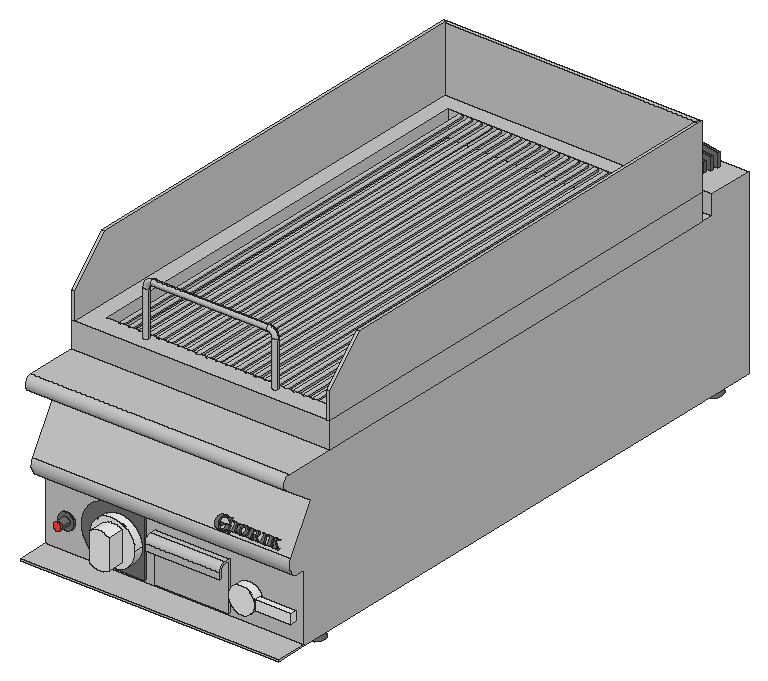
Revit family "QF_GIORIK_GL92TV", category Specialty Equipment, Revit 2014
Parameters (values of type "GL92TV")
  Weight in Pounds = 99.2079
  Waste Water Discharge Temperature [instance] = 0 °C
  URL Cutsheet = "www.giorik.com"
  URL = "www.giorik.com"
  Status [instance] = ""
  Specification by User [instance] = ""
  Specification by Manufacturer = ""
  Show Logo [instance] = yes
  Show Clearance [instance] = yes
  Serial Number = ""
  Seismic Rating = ""
  SMACNA No = ""
  Revision Code [instance] = ""
  Plumbing Remarks [instance] = ""
  Plumbing Connection Type [instance] = ""
  NAFEM Spec ID Number = ""
  Model = "GL92TV"
  Masterspec = ""
  Manufacturer = "GIORIK"
  Item Number [instance] = ""
  Installed By [instance] = ""
  Indirect Waste Size = 2 1/2"
  Indirect Waste Flow = 0.0 L/s
  Indirect Waste Connection Type [instance] = ""
  Indirect Waste Connection Height [instance] = 20 mm
  Identify Quantity as Lot [instance] = no
  Gas Size = 1"
  Gas RI Height [instance] = 0 mm
  Gas KW = 11
  Gas Input = 11000 W
  Gas Connection Height [instance] = 20 mm
  Furnished By [instance] = ""
  Foodservice Equipment Identifier [instance] = yes
  Description = "GAS STEAMGRILL"
  Cold Water Temperature Recommended = 0 °C
  Cold Water Size = 1"
  Cold Water RI Height [instance] = 20 mm
  Cold Water Minimum Pressure = 20000.0 Pa
  Cold Water Maximum Pressure = 50000.0 Pa
  Cold Water Flow [instance] = 0.0 L/s
  Cold Water Consumption [instance] = ""
  Cold Water Connection Height [instance] = 20 mm
  CSI MasterFormat = ""
  Assembly Code = "E1090320"
Reference planes
  plane 1 "Back": y = 0
  plane 2: z = 0
  plane 3 "Left": x = 0
  plane 4 "Right": x = 400
  plane 5 "Front": y = -920
  plane 6 "Top": z = 300
Forms (mm)
  Extrusion 1, solid, visible <- "Show Logo"
    sketch origin (186.604, -908.674, 117.684) x (-1, 0, 0) y (0, 0.515038, 0.857167)
      loop
        line (-118.824, 58.358) -> (-127.804, 58.358) -> (-125.523, 56.445) -> (-125.523, 48.027) -> (-127.804, 46.113) -> (-118.824, 46.113) -> (-121.105, 48.027) -> (-121.105, 56.445) -> (-118.824, 58.358)
      loop
        line (-163.721, 58.358) -> (-172.7, 58.358) -> (-170.42, 56.445) -> (-170.42, 48.027) -> (-172.7, 46.113) -> (-163.721, 46.113) -> (-166.001, 48.027) -> (-166.001, 56.445) -> (-163.721, 58.358)
      loop
        line (-174.332, 58.358) -> (-183.312, 58.358) -> (-181.031, 56.445) -> (-181.031, 52.435) -> (-186.419, 56.955) -> (-184.416, 58.358) -> (-191.268, 58.358) -> (-188.01, 56.839) -> (-185.455, 54.283) -> (-190.846, 47.858) -> (-193.396, 46.93) -> (-193.396, 46.113) -> (-184.416, 46.113) -> (-185.437, 47.571) -> (-182.443, 51.552) -> (-181.031, 50.894) -> (-181.031, 48.027) -> (-183.312, 46.113) -> (-174.332, 46.113) -> (-176.613, 48.027) -> (-176.613, 56.445) -> (-174.332, 58.358)
      loop
        line (-115.429, 62.063) -> (-115.429, 54.198)
        arc (-115.429, 54.198) -> (-111.618, 57.803) -> (-106.847, 59.986) r 16.039
        arc (-106.847, 59.986) -> (-103.314, 59.837) -> (-100.512, 57.68) r 5.851
        arc (-100.512, 57.68) -> (-98.815, 52.267) -> (-100.512, 46.853) r 9.479
        arc (-100.512, 46.853) -> (-102.406, 44.986) -> (-104.846, 43.93) r 7.236
        arc (-104.846, 43.93) -> (-107.728, 44.111) -> (-110.052, 45.825) r 5.11
        line (-110.052, 45.825) -> (-110.052, 52.001) -> (-116.141, 52.001) -> (-116.141, 45.503) -> (-117.893, 43.751) -> (-114.094, 44.769)
        arc (-114.094, 44.769) -> (-112.56, 44.947) -> (-111.129, 44.366) r 3.115
        arc (-111.129, 44.366) -> (-104.216, 42.091) -> (-97.303, 44.366) r 11.641
        arc (-97.303, 44.366) -> (-93.396, 52.107) -> (-97.303, 59.849) r 9.622
        arc (-97.303, 59.849) -> (-104.369, 62.174) -> (-111.435, 59.849) r 11.898
        line (-111.435, 59.849) -> (-115.429, 62.063)
      loop
        arc (-129.234, 56.068) -> (-135.893, 58.628) -> (-142.552, 56.068) r 9.941
        arc (-142.552, 56.068) -> (-144.234, 52.286) -> (-142.552, 48.505) r 5.093
        arc (-142.552, 48.505) -> (-135.893, 45.945) -> (-129.234, 48.505) r 9.941
        arc (-129.234, 48.505) -> (-127.552, 52.286) -> (-129.234, 56.068) r 5.093
      loop
        arc (-132.628, 54.403) -> (-135.893, 57.668) -> (-139.158, 54.403) r 3.265
        line (-139.158, 54.403) -> (-139.158, 50.169)
        arc (-139.158, 50.169) -> (-135.893, 46.904) -> (-132.628, 50.169) r 3.265
        line (-132.628, 50.169) -> (-132.628, 54.403)
      loop
        arc (-156.363, 58.365) -> (-159.647, 55.081) -> (-156.363, 51.796) r 3.285
        line (-156.363, 51.796) -> (-159.529, 47.306) -> (-162.087, 46.113) -> (-155.847, 46.113) -> (-153.529, 51.083) -> (-150.637, 51.083) -> (-150.637, 47.784) -> (-153.022, 46.113) -> (-144.011, 46.113) -> (-146.094, 47.68) -> (-146.094, 56.493) -> (-144.229, 58.365) -> (-156.363, 58.365)
      loop
        line (-150.637, 57.512) -> (-153.637, 57.512)
        arc (-153.637, 57.512) -> (-156.237, 54.912) -> (-153.637, 52.312) r 2.6
        line (-153.637, 52.312) -> (-150.637, 52.312) -> (-150.637, 57.512)
      loop
        line (-108.924, 52.001) -> (-104.936, 49.005) -> (-100.948, 52.001) -> (-108.924, 52.001)
    from 1.5 to -0.5
  Extrusion 2, solid
    sketch origin (-4, 0, 5) x (1, 0, 0) y (0, 1, 0)
      loop
        circle (54, -385) r 12.5
    from 0 to 15
  Extrusion 3, solid
    sketch origin (0, 800, -620) x (0, 1, 0) y (0, 0, 1)
      loop
        line (-800, 919.988) -> (-870, 919.988) -> (-870, 889.988) -> (-1688.806, 889.988)
        arc (-1688.806, 889.988) -> (-1699.151, 883.075) -> (-1696.724, 870.873) r 11.197
        line (-1696.724, 870.873) -> (-1647.575, 836.458) -> (-1686.203, 772.171)
        arc (-1686.203, 772.171) -> (-1687.435, 755.768) -> (-1675, 745) r 18.302
        line (-1675, 745) -> (-1660, 745) -> (-1660, 640) -> (-800, 640) -> (-800, 919.988)
    from 0 to 400
  Extrusion 4, solid
    sketch origin (-308.221, -812, -651.25) x (1, 0, 0) y (0, 0, 1)
      loop
        line (463.221, 676.25) -> (463.221, 766.25) -> (409.698, 766.25)
        arc (409.698, 766.25) -> (364.698, 721.25) -> (409.698, 676.25) r 45
        line (409.698, 676.25) -> (463.221, 676.25)
    from 48 to 50
  Extrusion 5, solid
    sketch origin (466.331, -860.641, -651.634) x (-1, 0, 0) y (0, -0.000888, -1)
      loop
        circle (351.331, -721.346) r 35
    from 0 to 15
  Extrusion 6, solid
    sketch origin (466.331, -860.641, -651.634) x (-1, 0, 0) y (0, -0.000888, -1)
      loop
        arc (336.331, -743.846) -> (351.331, -748.846) -> (366.331, -743.846) r 25
        line (366.331, -743.846) -> (366.331, -698.846)
        arc (366.331, -698.846) -> (351.331, -693.846) -> (336.331, -698.846) r 25
        line (336.331, -698.846) -> (336.331, -743.846)
    from 15 to 40
  Extrusion 7, solid
    sketch origin (-94, 0, -610.002) x (1, 0, 0) y (0, 0, 1)
      loop
        line (135, 909.989) -> (453, 909.989) -> (453, 925.527) -> (347.056, 931.749) -> (240.944, 931.749) -> (135, 925.527) -> (135, 909.989)
    from 32 to 35
  Extrusion 8, solid
    sketch origin (-92, 10, -610.002) x (1, 0, 0) y (0, 0, 1)
      loop
        line (454, 909.989) -> (454, 928.527) -> (346.162, 939.193) -> (237.838, 939.193) -> (130, 928.527) -> (130, 909.989) -> (454, 909.989)
    from 32 to 35
  Extrusion 9, solid
    sketch origin (-90, 20, -610.002) x (1, 0, 0) y (0, 0, 1)
      loop
        line (455, 909.989) -> (455, 930.527) -> (345.396, 947.413) -> (234.604, 947.413) -> (125, 930.527) -> (125, 909.989) -> (455, 909.989)
    from 32 to 35
  Extrusion 10, solid
    sketch origin (0, -200, -600) x (0, 1, 0) y (0, 0, 1)
      loop
        line (110, 909.988) -> (110, 1009.988) -> (-551.877, 1009.988) -> (-610, 951.864) -> (-610, 909.988) -> (110, 909.988)
    from 0 to 5
  Extrusion 11, solid
    sketch origin (0, -90, -600) x (1, 0, 0) y (0, 0, 1)
      loop
        line (5, 1009.988) -> (5, 909.988) -> (395, 909.988) -> (395, 1009.988) -> (5, 1009.988)
    from 0 to 5
  Sweep 12, solid
    path origin (32.128, -787.463, 1256.207) x (0, 0, 1) y (-1, 0, 0)
      loop
        line (-946.207, -65.372) -> (-876.207, -65.372)
        arc (-876.207, -65.372) -> (-869.136, -68.301) -> (-866.207, -75.372) r 10
        line (-866.207, -75.372) -> (-866.207, -255.372)
        arc (-866.207, -255.372) -> (-869.136, -262.443) -> (-876.207, -265.372) r 10
        line (-876.207, -265.372) -> (-946.207, -265.372)
    profile origin (97.5, -787.463, 345) x (-1, 0, 0) y (0, -1, 0)
      loop
        circle (0, 0) r 4
  Extrusion 13, solid
    sketch origin (666.331, -860, -661.247) x (-1, 0, 0) y (0, 0, -1)
      loop
        circle (351.331, -721.221) r 20
    from 0 to 15
  Extrusion 14, solid
    sketch origin (35, -864, -662.044) x (1, 0, 0) y (0, 0, 1)
      loop
        line (275.18, 729.518) -> (275.18, 714.518) -> (355.18, 714.518) -> (355.18, 729.518) -> (275.18, 729.518)
    from 0 to 10
  Extrusion 15, solid
    sketch origin (32.347, -900, -540.1) x (0, 1, 0) y (0, 0, 1)
      loop
        line (40, 640.1) -> (30, 640.1)
        arc (30, 640.1) -> (22.929, 637.171) -> (20, 630.1) r 10
        line (20, 630.1) -> (20, 620.1) -> (22, 620.1) -> (22, 630.1)
        arc (22, 630.1) -> (24.343, 635.757) -> (30, 638.1) r 8
        line (30, 638.1) -> (38, 638.1) -> (38, 565.1) -> (40, 565.1) -> (40, 640.1)
    from 137.5 to 252.5
  Extrusion 16, solid
    sketch origin (0, 0, -25) x (0, 1, 0) y (-1, 0, 0)
      loop
        circle (-185, -308) r 12.7
    from 30 to 45
  Extrusion 17, solid
    sketch origin (32, -293, -25) x (0, 1, 0) y (-1, 0, 0)
      loop
        circle (-185, -308) r 6.35
    from 30 to 45
  Extrusion 18, solid
    sketch origin (0, -200, 300) x (0, 1, 0) y (-1, 0, 0)
      loop
        line (110, 0) -> (-610, 0) -> (-610, -400) -> (110, -400) -> (110, 0)
      loop
        line (80, -30) -> (-580, -30) -> (-580, -370) -> (80, -370) -> (80, -30)
    from -30.012 to 9.988
  Extrusion 19, solid
    sketch origin (0, -200, -600) x (1, 0, 0) y (0, 0, 1)
      loop
        circle (50, 906.988) r 3
    from -80 to 580
  Extrusion 20, solid
    sketch origin (15, -200, -600) x (1, 0, 0) y (0, 0, 1)
      loop
        circle (50, 906.988) r 3
    from -80 to 580
  Extrusion 21, solid
    sketch origin (30, -200, -600) x (1, 0, 0) y (0, 0, 1)
      loop
        circle (50, 906.988) r 3
    from -80 to 580
  Extrusion 22, solid
    sketch origin (45, -200, -600) x (1, 0, 0) y (0, 0, 1)
      loop
        circle (50, 906.988) r 3
    from -80 to 580
  Extrusion 23, solid
    sketch origin (60, -200, -600) x (1, 0, 0) y (0, 0, 1)
      loop
        circle (50, 906.988) r 3
    from -80 to 580
  Extrusion 24, solid
    sketch origin (75, -200, -600) x (1, 0, 0) y (0, 0, 1)
      loop
        circle (50, 906.988) r 3
    from -80 to 580
  Extrusion 25, solid
    sketch origin (90, -200, -600) x (1, 0, 0) y (0, 0, 1)
      loop
        circle (50, 906.988) r 3
    from -80 to 580
  Extrusion 26, solid
    sketch origin (105, -200, -600) x (1, 0, 0) y (0, 0, 1)
      loop
        circle (50, 906.988) r 3
    from -80 to 580
  Extrusion 27, solid
    sketch origin (120, -200, -600) x (1, 0, 0) y (0, 0, 1)
      loop
        circle (50, 906.988) r 3
    from -80 to 580
  Extrusion 28, solid
    sketch origin (135, -200, -600) x (1, 0, 0) y (0, 0, 1)
      loop
        circle (50, 906.988) r 3
    from -80 to 580
  Extrusion 29, solid
    sketch origin (150, -200, -600) x (1, 0, 0) y (0, 0, 1)
      loop
        circle (50, 906.988) r 3
    from -80 to 580
  Extrusion 30, solid
    sketch origin (165, -200, -600) x (1, 0, 0) y (0, 0, 1)
      loop
        circle (50, 906.988) r 3
    from -80 to 580
  Extrusion 31, solid
    sketch origin (180, -200, -600) x (1, 0, 0) y (0, 0, 1)
      loop
        circle (50, 906.988) r 3
    from -80 to 580
  Extrusion 32, solid
    sketch origin (195, -200, -600) x (1, 0, 0) y (0, 0, 1)
      loop
        circle (50, 906.988) r 3
    from -80 to 580
  Extrusion 33, solid
    sketch origin (210, -200, -600) x (1, 0, 0) y (0, 0, 1)
      loop
        circle (50, 906.988) r 3
    from -80 to 580
  Extrusion 34, solid
    sketch origin (225, -200, -600) x (1, 0, 0) y (0, 0, 1)
      loop
        circle (50, 906.988) r 3
    from -80 to 580
  Extrusion 35, solid
    sketch origin (240, -200, -600) x (1, 0, 0) y (0, 0, 1)
      loop
        circle (50, 906.988) r 3
    from -80 to 580
  Extrusion 36, solid
    sketch origin (255, -200, -600) x (1, 0, 0) y (0, 0, 1)
      loop
        circle (50, 906.988) r 3
    from -80 to 580
  Extrusion 37, solid
    sketch origin (270, -200, -600) x (1, 0, 0) y (0, 0, 1)
      loop
        circle (50, 906.988) r 3
    from -80 to 580
  Extrusion 38, solid
    sketch origin (285, -200, -600) x (1, 0, 0) y (0, 0, 1)
      loop
        circle (50, 906.988) r 3
    from -80 to 580
  Extrusion 39, solid
    sketch origin (300, -200, -600) x (1, 0, 0) y (0, 0, 1)
      loop
        circle (50, 906.988) r 3
    from -80 to 580
  Extrusion 40, solid
    sketch origin (0, -860, -600) x (1, 0, 0) y (0, 0, 1)
      loop
        line (0, 620) -> (400, 620) -> (400, 622) -> (0, 622) -> (0, 620)
    from 0 to 50
  Extrusion 41, solid
    sketch origin (-6.142, -835.246, -647.152) x (1, 0, 0) y (0, 0.000339, 1)
      loop
        circle (38.702, 711.666) r 12.5
    from 25 to 27
  Extrusion 42, solid
    sketch origin (-732.35, -862.248, -653.566) x (1, 0, 0) y (0, 0.000339, 1)
      loop
        circle (764.91, 718.089) r 6
    from 0 to 15
  Extrusion 43, solid
    sketch origin (-732.35, -863.41, -653.565) x (1, 0, 0) y (0, 0.000339, 1)
      loop
        circle (764.91, 718.089) r 6
    from 13.838 to 15.838
  Extrusion 44, solid
    sketch origin (395, -200, -600) x (0, 1, 0) y (0, 0, 1)
      loop
        line (110, 909.988) -> (110, 1009.988) -> (-551.877, 1009.988) -> (-610, 951.864) -> (-610, 909.988) -> (110, 909.988)
    from 0 to 5
  Extrusion 45, solid
    sketch origin (543.603, 45.293, -30) x (0, 1, 0) y (-1, 0, 0)
      loop
        circle (-79.293, 516.603) r 5
    from 41.965 to 50
  Revolve 46, solid
    sketch origin (27, 49.943, -600) x (0, 1, 0) y (0, 0, 1)
      loop
        line (-83.943, 611.965) -> (-94.752, 611.965) -> (-97.943, 600) -> (-83.943, 600) -> (-83.943, 611.965)
      axis (-83.943, 611.965) -> (-83.943, 600)
    angle from 0 to 360
  Extrusion 47, solid
    sketch origin (-143.603, 45.293, -30) x (0, 1, 0) y (-1, 0, 0)
      loop
        circle (-79.293, -516.603) r 5
    from 41.965 to 50
  Revolve 48, solid
    sketch origin (373, 49.943, -600) x (0, 1, 0) y (0, 0, -1)
      loop
        line (-83.943, -611.965) -> (-83.943, -600) -> (-97.943, -600) -> (-94.752, -611.965) -> (-83.943, -611.965)
      axis (-83.943, -611.965) -> (-83.943, -600)
    angle from 0 to 360
  Extrusion 49, solid
    sketch origin (543.603, -724.774, -30) x (0, 1, 0) y (-1, 0, 0)
      loop
        circle (-79.293, 516.603) r 5
    from 41.965 to 50
  Revolve 50, solid
    sketch origin (27, -720.125, -600) x (0, 1, 0) y (0, 0, 1)
      loop
        line (-83.943, 611.965) -> (-94.752, 611.965) -> (-97.943, 600) -> (-83.943, 600) -> (-83.943, 611.965)
      axis (-83.943, 611.965) -> (-83.943, 600)
    angle from 0 to 360
  Extrusion 51, solid
    sketch origin (-143.603, -724.774, -30) x (0, 1, 0) y (-1, 0, 0)
      loop
        circle (-79.293, -516.603) r 5
    from 41.965 to 50
  Revolve 52, solid
    sketch origin (373, -720.125, -600) x (0, 1, 0) y (0, 0, -1)
      loop
        line (-83.943, -611.965) -> (-83.943, -600) -> (-97.943, -600) -> (-94.752, -611.965) -> (-83.943, -611.965)
      axis (-83.943, -611.965) -> (-83.943, -600)
    angle from 0 to 360
Lines and regions (mm)
  symbolic lines, style "200-EquipBorder-2D"
    curve 1: line (0, -920, 0) -> (400, -920, 0)
    curve 2: line (400, -920, 0) -> (400, 0, 0)
    curve 3: line (400, 0, 0) -> (0, 0, 0)
    curve 4: line (0, 0, 0) -> (0, -920, 0)
  symbolic lines, style "200-EquipInternal-2D"
    curve 5: line (0, -70, 300) -> (400, -70, 300)
    curve 6: line (35, -12, 900) -> (365, -12, 900)
    curve 7: line (365, -12, 900) -> (365, -15, 900)
    curve 8: line (365, -15, 900) -> (35, -15, 900)
    curve 9: line (35, -15, 900) -> (35, -12, 900)
    curve 10: line (38, -22, 900) -> (362, -22, 900)
    curve 11: line (362, -22, 900) -> (362, -25, 900)
    curve 12: line (362, -25, 900) -> (38, -25, 900)
    curve 13: line (38, -25, 900) -> (38, -22, 900)
    curve 14: line (41, -32, 900) -> (359, -32, 900)
    curve 15: line (359, -32, 900) -> (359, -35, 900)
    curve 16: line (359, -35, 900) -> (41, -35, 900)
    curve 17: line (41, -35, 900) -> (41, -32, 900)
    curve 18: line (5, -95, 300) -> (395, -95, 300)
    curve 19: line (0, -90, 300) -> (400, -90, 300)
    curve 20: line (400, -90, 300) -> (400, -810, 300)
    curve 21: line (395, -810, 300) -> (395, -95, 300)
    curve 22: line (5, -95, 300) -> (5, -810, 300)
    curve 23: line (0, -810, 300) -> (0, -90, 300)
    curve 24: line (0, -810, 300) -> (400, -810, 300)
    curve 25: line (30, -780, 300) -> (30, -120, 300)
    curve 26: line (370, -120, 300) -> (370, -780, 300)
    curve 27: line (137, -120, 300) -> (137, -780, 300)
    curve 28: line (47, -780, 300) -> (47, -120, 300)
    curve 29: line (53, -780, 300) -> (53, -120, 300)
    curve 30: line (62, -120, 300) -> (62, -780, 300)
    curve 31: line (62, -780, 300) -> (53, -780, 300)
    curve 32: line (47, -780, 300) -> (30, -780, 300)
    curve 33: line (30, -120, 300) -> (47, -120, 300)
    curve 34: line (53, -120, 300) -> (62, -120, 300)
    curve 35: line (68, -120, 300) -> (68, -780, 300)
    curve 36: line (68, -780, 300) -> (77, -780, 300)
    curve 37: line (77, -780, 300) -> (77, -120, 300)
    curve 38: line (77, -120, 300) -> (68, -120, 300)
    curve 39: line (83, -120, 300) -> (92, -120, 300)
    curve 40: line (92, -120, 300) -> (92, -780, 300)
    curve 41: line (92, -780, 300) -> (83, -780, 300)
    curve 42: line (83, -780, 300) -> (83, -120, 300)
    curve 43: line (98, -120, 300) -> (98, -780, 300)
    curve 44: line (98, -780, 300) -> (107, -780, 300)
    curve 45: line (107, -780, 300) -> (107, -120, 300)
    curve 46: line (107, -120, 300) -> (98, -120, 300)
    curve 47: line (113, -120, 300) -> (122, -120, 300)
    curve 48: line (122, -120, 300) -> (122, -780, 300)
    curve 49: line (122, -780, 300) -> (113, -780, 300)
    curve 50: line (113, -780, 300) -> (113, -120, 300)
    curve 51: line (137, -120, 300) -> (128, -120, 300)
    curve 52: line (128, -120, 300) -> (128, -780, 300)
    curve 53: line (128, -780, 300) -> (137, -780, 300)
    curve 54: line (143, -780, 300) -> (143, -120, 300)
    curve 55: line (143, -120, 300) -> (152, -120, 300)
    curve 56: line (152, -120, 300) -> (152, -780, 300)
    curve 57: line (152, -780, 300) -> (143, -780, 300)
    curve 58: line (158, -780, 300) -> (158, -120, 300)
    curve 59: line (158, -120, 300) -> (167, -120, 300)
    curve 60: line (167, -120, 300) -> (167, -780, 300)
    curve 61: line (167, -780, 300) -> (158, -780, 300)
    curve 62: line (173, -780, 300) -> (173, -120, 300)
    curve 63: line (173, -120, 300) -> (182, -120, 300)
    curve 64: line (182, -120, 300) -> (182, -780, 300)
    curve 65: line (182, -780, 300) -> (173, -780, 300)
    curve 66: line (188, -780, 300) -> (188, -120, 300)
    curve 67: line (188, -120, 300) -> (197, -120, 300)
    curve 68: line (197, -120, 300) -> (197, -780, 300)
    curve 69: line (197, -780, 300) -> (188, -780, 300)
    curve 70: line (203, -780, 300) -> (203, -120, 300)
    curve 71: line (203, -120, 300) -> (212, -120, 300)
    curve 72: line (212, -120, 300) -> (212, -780, 300)
    curve 73: line (212, -780, 300) -> (203, -780, 300)
    curve 74: line (218, -780, 300) -> (218, -120, 300)
    curve 75: line (218, -120, 300) -> (227, -120, 300)
    curve 76: line (227, -120, 300) -> (227, -780, 300)
    curve 77: line (227, -780, 300) -> (218, -780, 300)
    curve 78: line (233, -780, 300) -> (233, -120, 300)
    curve 79: line (233, -120, 300) -> (242, -120, 300)
    curve 80: line (242, -120, 300) -> (242, -780, 300)
    curve 81: line (242, -780, 300) -> (233, -780, 300)
    curve 82: line (248, -780, 300) -> (248, -120, 300)
    curve 83: line (248, -120, 300) -> (257, -120, 300)
    curve 84: line (257, -120, 300) -> (257, -780, 300)
    curve 85: line (257, -780, 300) -> (248, -780, 300)
    curve 86: line (263, -780, 300) -> (263, -120, 300)
    curve 87: line (263, -120, 300) -> (272, -120, 300)
    curve 88: line (272, -120, 300) -> (272, -780, 300)
    curve 89: line (272, -780, 300) -> (263, -780, 300)
    curve 90: line (278, -780, 300) -> (278, -120, 300)
    curve 91: line (278, -120, 300) -> (287, -120, 300)
    curve 92: line (287, -120, 300) -> (287, -780, 300)
    curve 93: line (287, -780, 300) -> (278, -780, 300)
    curve 94: line (293, -780, 300) -> (293, -120, 300)
    curve 95: line (293, -120, 300) -> (302, -120, 300)
    curve 96: line (302, -120, 300) -> (302, -780, 300)
    curve 97: line (302, -780, 300) -> (293, -780, 300)
    curve 98: line (308, -780, 300) -> (308, -120, 300)
    curve 99: line (308, -120, 300) -> (317, -120, 300)
    curve 100: line (317, -120, 300) -> (317, -780, 300)
    curve 101: line (317, -780, 300) -> (308, -780, 300)
    curve 102: line (323, -780, 300) -> (323, -120, 300)
    curve 103: line (323, -120, 300) -> (332, -120, 300)
    curve 104: line (332, -120, 300) -> (332, -780, 300)
    curve 105: line (332, -780, 300) -> (323, -780, 300)
    curve 106: line (338, -780, 300) -> (338, -120, 300)
    curve 107: line (338, -120, 300) -> (347, -120, 300)
    curve 108: line (347, -120, 300) -> (347, -780, 300)
    curve 109: line (347, -780, 300) -> (338, -780, 300)
    curve 110: line (353, -780, 300) -> (353, -120, 300)
    curve 111: line (353, -120, 300) -> (370, -120, 300)
    curve 112: line (353, -780, 300) -> (370, -780, 300)
    curve 113: line (97.5, -783.463, 300) -> (297.5, -783.463, 300)
    curve 114: line (297.5, -791.463, 300) -> (97.5, -791.463, 300)
    curve 115: arc (97.5, -783.463, 300) -> (93.5, -787.463, 300) -> (97.5, -791.463, 300) r 4
    curve 116: arc (297.5, -783.463, 300) -> (301.5, -787.463, 300) -> (297.5, -791.463, 300) r 4
Dimensions and locks
  plane 3 "Left" to plane 4 "Right" = 400 mm
  plane 5 "Front" to plane 1 "Back" = 920 mm
  plane 4 "Right" to plane 3 "Left" = 400 mm
  plane 1 "Back" to plane 5 "Front" = 920 mm
  plane 6 "Top" to level = 300 mm  (x2)
  aligned and locked: level to plane 2
Connectors
  piping at (50, -385, 5), diameter 25.4, driven by "Gas Size"
    settings: on Extrusion 2, index 1, connector inside diameter 24", connector length 0 mm, flow factor 0, pipe flow 0.0 L/s, pressure drop 0.0 Pa, fitting loss kfactor 0, connector angle 0.00°, fixture units 0, engagement length 0 mm, angle of deflection 0.00°, flow configuration 1, flow direction 1, fitting loss method 0, system type 22, joint type 0, gender type 0, connector reference index -1, connector utility 0, adjustable connector no, is connector primary yes, connector description "Gas inlet"
  piping at (308, -185, 5), diameter 25.4, driven by "Cold Water Size", driven by "Cold Water Flow"
    settings: on Extrusion 16, index 2, connector inside diameter 24", connector length 0 mm, flow factor 0, pipe flow 0.0 L/s, pressure drop 0.0 Pa, fitting loss kfactor 0, connector angle 0.00°, fixture units 0, engagement length 0 mm, angle of deflection 0.00°, flow configuration 1, flow direction 2, fitting loss method 0, system type 20, joint type 0, gender type 0, connector reference index -1, connector utility 0, adjustable connector no, is connector primary no, connector description "Water drain"
  piping at (340, -478, 5), diameter 25.4, driven by "Cold Water Size", driven by "Cold Water Flow"
    settings: on Extrusion 17, index 3, connector inside diameter 24", connector length 0 mm, flow factor 0, pipe flow 0.0 L/s, pressure drop 0.0 Pa, fitting loss kfactor 0, connector angle 0.00°, fixture units 0, engagement length 0 mm, angle of deflection 0.00°, flow configuration 1, flow direction 1, fitting loss method 0, system type 20, joint type 0, gender type 0, connector reference index -1, connector utility 0, adjustable connector no, is connector primary no, connector description "Water inlet"
